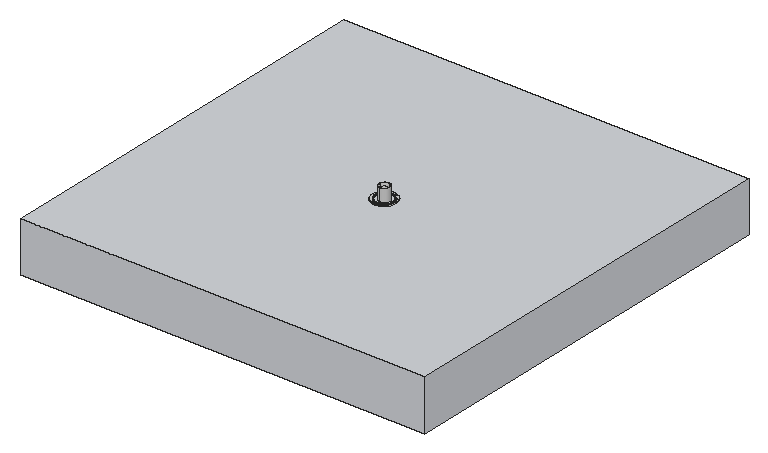
Revit family "LAMP_HANCE DOWNLIGHT SEMIRECESSED MEDIUM FLOOD 1000_2000", category Modelos genéricos, Revit 2015
Parameters (values of type "740LM 4000K 1000 BLACK")
  Weight = 1.54 kg
  Type = "COB PHILIPS"
  Tilting [instance] = if(Tilt < 0.00°, 180.00°, if(Tilt > 85.00°, 265.00°, Tilt + 180.00°))  # 180.00°
  Tilt [instance] = 0.00°
  Recessed diameter = 132 mm
  Protection rating = "IP20"
  Product datasheet = "http://www.lamp.es/product-files/TECH/HD1SR30SP840NBB-EN.pdf"
  Product code = "HD1SR30SP840NBB"
  Product URL = "https://www.lamp.es/en/family/hance-downlight_196363"
  Power Supply = "220-240V 50/60Hz"
  Power = 25 W
  Plum = 27.8 W
  Photometric web file = Cuerpo Hance BASE (tilting)_MF : 740LM 4000K 1000 BLACK
  Modelo = Product code  # "HD1SR30SP840NBB"
  Model explanation = "Availability of tilting between 0º and 85º when placed in a project."
  Material interior aro = LAMP_Aluminio Hance Negro
  Material aro = LAMP_Aluminio Hance Negro
  Manufacturer name = "LAMP"
  Manufacturer country = "Spain"
  Manufacturer URL = "http://www.lamp.es/en"
  MacAdam = "3"
  Luminaire type = "Indoor - Recessed downlight"
  Last update = "22/11/2019"
  Lamp = "COB LED"
  LED Lifetime = "50.000 L80 B10"
  Insulation class = "II"
  Installation instructions = "https://www.lamp.es/product-files/INS/1004410-B-INSTR.%20DE%20MONTAJE%20HANCE%20DOWNLIGHT.pdf"
  Initial intensity = 2656 lm
  Initial color = 4000 K
  IEE = "A+"
  Gear = "Electronic"
  Finish = "Texturised black RAL 9011"
  Fabricante = Manufacturer name  # "LAMP"
  Default Elevation = 1219.2 mm
  Efficacy = 95.54 lm/W
  Diameter = 143 mm
  Descripción = "HANCE DOWN SEMIREC 3000 NW SP BK."
  Decorative ring [instance] = Aro decorativo (tilting) : Black
  Comentarios de tipo = Model explanation  # "Availability of tilting between 0º and 85º when placed in a project."
  CRI = "80"
Types (8, lengths in mm): name | Product datasheet | Product code | Power | Plum | Photometric web file | Modelo | Material aro | Initial intensity | Initial color | Finish | Efficacy | Descripción
  740LM 4000K 1000 BLACK | "http://www.lamp.es/product-files/TECH/HD1SR30SP840NBB-EN.pdf" | "HD1SR30SP840NBB" | 25 W | 27.8 W | Cuerpo Hance BASE (tilting)_MF : 740LM 4000K 1000 BLACK | "HD1SR30SP840NBB" | LAMP_Aluminio Hance Negro | 2656 lm | 4000 K | "Texturised black RAL 9011" | 95.54 lm/W | "HANCE DOWN SEMIREC 3000 NW SP BK."
  740LM 4000K 1000 WHITE | "http://www.lamp.es/product-files/TECH/HD1SR30SP840NBW-EN.pdf" | "HD1SR30SP840NBW" | 25 W | 27.8 W | Cuerpo Hance BASE (tilting)_MF : 740LM 4000K 1000 WHITE | "HD1SR30SP840NBW" | LAMP_Aluminio Hance Blanco | 2656 lm | 4000 K | "Texturised white RAL 9010" | 95.54 lm/W | "HANCE DOWN SEMIREC 3000 NW SP WH."
  806LM 3000K 1000 BLACK | "http://www.lamp.es/product-files/TECH/HD1SR30SP830NBB-EN.pdf" | "HD1SR30SP830NBB" | 25 W | 28.2 W | Cuerpo Hance BASE (tilting)_MF : 806LM 3000K 1000 BLACK | "HD1SR30SP830NBB" | LAMP_Aluminio Hance Negro | 2788 lm | 3000 K | "Texturised black RAL 9011" | 98.86 lm/W | "HANCE DOWN SEMIREC 3000 WW SP BK."
  806LM 3000K 1000 WHITE | "http://www.lamp.es/product-files/TECH/HD1SR30SP830NBW-EN.pdf" | "HD1SR30SP830NBW" | 25 W | 28.2 W | Cuerpo Hance BASE (tilting)_MF : 806LM 3000K 1000 WHITE | "HD1SR30SP830NBW" | LAMP_Aluminio Hance Blanco | 2788 lm | 3000 K | "Texturised white RAL 9010" | 98.86 lm/W | "HANCE DOWN SEMIREC 3000 WW SP WH."
  1606LM 4000K 2000 BLACK | "http://www.lamp.es/product-files/TECH/HD1SR40SP830NBB-EN.pdf" | "HD1SR40SP830NBB" | 34 W | 37.6 W | Cuerpo Hance BASE (tilting)_MF : 1606LM 4000K 2000 BLACK | "HD1SR40SP830NBB" | LAMP_Aluminio Hance Negro | 3518 lm | 3000 K | "Texturised black RAL 9011" | 93.55 lm/W | "HANCE DOWN SEMIREC 4000 WW SP BK."
  1606LM 4000K 2000 WHITE | "http://www.lamp.es/product-files/TECH/HD1SR40SP830NBW-EN.pdf" | "HD1SR40SP830NBW" | 34 W | 37.6 W | Cuerpo Hance BASE (tilting)_MF : 1606LM 4000K 2000 WHITE | "HD1SR40SP830NBW" | LAMP_Aluminio Hance Blanco | 3518 lm | 3000 K | "Texturised white RAL 9010" | 93.55 lm/W | "HANCE DOWN SEMIREC 4000 WW SP WH."
  1760LM 3000K 2000 BLACK | "http://www.lamp.es/product-files/TECH/HD1SR40SP840NBB-EN.pdf" | "HD1SR40SP840NBB" | 34 W | 37.6 W | Cuerpo Hance BASE (tilting)_MF : 1760LM 3000K 2000 BLACK | "HD1SR40SP840NBB" | LAMP_Aluminio Hance Negro | 3660 lm | 4000 K | "Texturised black RAL 9011" | 97.34 lm/W | "HANCE DOWN SEMIREC 4000 NW SP BK."
  1760LM 3000K 2000 WHITE | "http://www.lamp.es/product-files/TECH/HD1SR40SP840NBW-EN.pdf" | "HD1SR40SP840NBW" | 34 W | 37.6 W | Cuerpo Hance BASE (tilting)_MF : 1760LM 3000K 2000 WHITE | "HD1SR40SP840NBW" | LAMP_Aluminio Hance Blanco | 3660 lm | 4000 K | "Texturised white RAL 9010" | 97.34 lm/W | "HANCE DOWN SEMIREC 4000 NW SP WH."
Reference planes
  plane 1 "Centro (Frontal/Posterior)": y = 0
  plane 2: z = 0
  plane 3 "Centro (Izquierda/Derecha)": x = 0
Forms (mm)
  Extrusion 1, solid
    sketch origin (0, 0, 0) x (1, 0, 0) y (0, 1, 0)
      loop
        line (-1219.2, 1219.2) -> (-1219.2, -1219.2) -> (1219.2, -1219.2) -> (1219.2, 1219.2) -> (-1219.2, 1219.2)
    from 0 to -304.8
  Revolve 2, solid, material "LAMP_Aluminio Hance Negro" <- "Material aro"
    sketch origin (0, 0, 0) x (1, 0, 0) y (0, 0, 1)
      loop
        line (71.4, 0) -> (71.4, 1) -> (56.5, 1) -> (56.5, -70) -> (64.5, -70) -> (64.5, -69) -> (59, -69) -> (59, 0) -> (71.4, 0)
      axis (0, 1) -> (0, -70)
    angle from 0 to 360
  Revolve 3, solid, material "LAMP_Aluminio Hance Negro" <- "Material interior aro"
    sketch origin (0, 0, 0) x (1, 0, 0) y (0, 0, 1)
      loop
        arc (51.874, -0.646) -> (51.598, -1.016) -> (51.498, -1.466) r 1.1
        arc (51.498, -1.466) -> (49.354, -17.889) -> (43.277, -33.297) r 67.535
        arc (43.277, -33.297) -> (42.922, -33.665) -> (42.43, -33.8) r 0.965
        line (42.43, -33.8) -> (0, -33.8) -> (0, -34.8) -> (42.43, -34.8)
        arc (42.43, -34.8) -> (42.922, -34.665) -> (43.277, -34.297) r 0.965
        arc (43.277, -34.297) -> (49.354, -18.889) -> (51.498, -2.466) r 67.535
        arc (51.498, -2.466) -> (51.598, -2.016) -> (51.874, -1.646) r 1.1
        arc (51.874, -1.646) -> (53.912, -0.425) -> (56.25, 0) r 6.641
        line (56.25, 0) -> (56.25, 1)
        arc (56.25, 1) -> (53.912, 0.575) -> (51.874, -0.646) r 6.641
      axis (0, 1) -> (0, -34.8)
    angle from 0 to 360
  Extrusion 4, void
    sketch origin (0, 0, 0) x (1, 0, 0) y (0, 1, 0)
      loop
        line (7.1, 33.5) -> (-7.105, 33.5)
        arc (-7.105, 33.5) -> (-40.605, 0) -> (-7.105, -33.5) r 33.5
        line (-7.105, -33.5) -> (7.1, -33.5)
        arc (7.1, -33.5) -> (40.6, 0) -> (7.1, 33.5) r 33.5
    from -41.216 to -28.478
Cuts and joins
  Extrusion 4 cuts Revolve 3
Text (mm)
  text "Any modification of the parameters and properties of the LAMP BIM models must be executed and validated by the LAMP technical department.\n\nPhone: +34 93 736 68 00\n\nE-mail: lamp@lamp.es\n\n\n\nLAMP reserves the right to modify the technical specifications of its products." at (39771.841, -40794.867, 40621.237), in view "Preview"
Dimensions and locks
  aligned and locked: plane 2 to Extrusion 1
  aligned and locked: level to Extrusion 1
Nested families
  nested 1: "Cuerpo Hance BASE (tilting)_MF" at (0, 1.967, 33.338), type <- "Photometric web file", type "740LM 4000K 1000 BLACK"
    with Tilting 180.00°
  nested 2: "Aro decorativo (tilting)" at (-27.9, 0, -21.232), type <- "Decorative ring", type "Black"
    with Tilting 0.00°
Connectors
  electrical at (-16.363, 0, -29.25)
    settings: on nested 1, index 1, voltage 230 V, apparent load 0 VA, apparent load phase1 0 VA, apparent load phase2 0 VA, apparent load phase3 0 VA, power factor 1, load classification "Otro", number of poles 1, system type 31, power factor state 1, is connector primary yes, connector utility no, sub classification motor no, connector description ""
Definition of nested family "Cuerpo Hance BASE (tilting)_MF"
  Parameters (values of type "740LM 4000K 1000 BLACK")
    Tilting = 90.00°
    Photometric web file = Cuerpo Hance BASE_MF : 740LM 4000K 1000 BLACK
    Default Elevation = 1219.2 mm
  Types (17, lengths in mm): name | Photometric web file
    (no name) | Cuerpo Hance BASE_MF : 740LM 4000K 1000 BLACK
    740LM 4000K 1000 BLACK | Cuerpo Hance BASE_MF : 740LM 4000K 1000 BLACK
    740LM 4000K 1000 WHITE | Cuerpo Hance BASE_MF : 740LM 4000K 1000 WHITE
    806LM 3000K 1000 BLACK | Cuerpo Hance BASE_MF : 806LM 3000K 1000 BLACK
    806LM 3000K 1000 WHITE | Cuerpo Hance BASE_MF : 806LM 3000K 1000 WHITE
    1606LM 4000K 2000 BLACK | Cuerpo Hance BASE_MF : 1606LM 4000K 2000 BLACK
    1606LM 4000K 2000 WHITE | Cuerpo Hance BASE_MF : 1606LM 4000K 2000 WHITE
    1760LM 3000K 2000 BLACK | Cuerpo Hance BASE_MF : 1760LM 3000K 2000 BLACK
    1760LM 3000K 2000 WHITE | Cuerpo Hance BASE_MF : 1760LM 3000K 2000 WHITE
    2744LM 4000K 3000 BLACK | Cuerpo Hance BASE_MF : 2744LM 4000K 3000 BLACK
    2744LM 4000K 3000 WHITE | Cuerpo Hance BASE_MF : 2744LM 4000K 3000 WHITE
    2816LM 3000K 3000 BLACK | Cuerpo Hance BASE_MF : 2816LM 3000K 3000 BLACK
    2816LM 3000K 3000 WHITE | Cuerpo Hance BASE_MF : 2816LM 3000K 3000 WHITE
    3724LM 3000K 4000 BLACK | Cuerpo Hance BASE_MF : 3724LM 3000K 4000 BLACK
    3724LM 3000K 4000 WHITE | Cuerpo Hance BASE_MF : 3724LM 3000K 4000 WHITE
    3875LM 4000K 4000 BLACK | Cuerpo Hance BASE_MF : 3875LM 4000K 4000 BLACK
    3875LM 4000K 4000 WHITE | Cuerpo Hance BASE_MF : 3875LM 4000K 4000 WHITE
  Reference planes
    plane 1 "Centro (Frontal/Posterior)": y = 0
    plane 2: z = 0
    plane 3 "Centro (Izquierda/Derecha)": x = 0
  Lines and regions (mm)
    reference lines
      curve 1: line (0, 0, 0) -> (200, 0, 0)
  Dimensions and locks
    "Tilting": angle plane 3 "Centro (Izquierda/Derecha)" to curve 1
    aligned and locked: level to plane 2
    aligned and locked: plane 3 "Centro (Izquierda/Derecha)" to curve 1
    aligned and locked: plane 2 to curve 1
  Nested families
    nested 1: "Cuerpo Hance BASE_MF" at (-21.588, -1.967, 27.875), type <- "Photometric web file", type "740LM 4000K 1000 BLACK"
  Definition of nested family "Cuerpo Hance BASE_MF"
    Parameters (values of type "740LM 4000K 1000 BLACK")
      Tilt Angle = 90.00° + Tilting  # 180.00°
      Wattage = 7.6 W
      Tilting = 90.00°
      built-in parameter 1150107 = 4000 (stored number, unit not read)
      Radio vacio posterior = Radio cuerpo - 2.2 mm  # 30.3 mm
      Radio vaciado = Radio cuerpo - 1.5 mm  # 31 mm
      Radio cuerpo = if(Longitud cuerpo = 145 mm, 45 mm, 32.5 mm)  # 32.5 mm
      built-in parameter 1150110 = 1 (stored number, unit not read)
      built-in parameter 1150109 = 1 (stored number, unit not read)
      built-in parameter 1150112 = 1 (stored number, unit not read)
      built-in parameter 1150113 = 1 (stored number, unit not read)
      built-in parameter 1114218 = 1 (stored number, unit not read)
      built-in parameter 1150137 = (empty or 0)
      built-in parameter 1150132 = 2
      Material reflector = none
      Material cuerpo = none
      Material COB = none
      Longitud cuerpo = 100 mm
      Long. origen luz = if(Longitud cuerpo = 100 mm, 20 mm, if(Longitud cuerpo = 170 mm, 55 mm, 90 mm))  # 20 mm
      L_3 = if(Ancho disipador posterior = 80.4 mm, 39.6 mm, 12 mm)  # 12 mm
      L_2 = if(Ancho disipador posterior = 80.4 mm, 36.3 mm, 22.6 mm)  # 22.6 mm
      L_1 = if(Ancho disipador posterior = 80.4 mm, 36.8 mm, 25.4 mm)  # 25.4 mm
      built-in parameter 1150105 = 2444 (stored number, unit not read)
      built-in parameter 1150102 = (empty or 0)
      built-in parameter 1150106 = 24.44 (stored number, unit not read)
      Lumens = 740.012 lm
      Color Filter = 16777215
      built-in parameter 1114217 = 1 (stored number, unit not read)
      built-in parameter 1150139 = (empty or 0)
      Default Elevation = 1219.2 mm
      built-in parameter 1150104 = 9.046 (stored number, unit not read)
      Diametro aro = if(Radio cuerpo = 45 mm, 42.9 mm, 30.4 mm)  # 30.4 mm
      built-in parameter 1150115 = 1 (stored number, unit not read)
      built-in parameter 1150114 = 1 (stored number, unit not read)
      built-in parameter 1150138 = (empty or 0)
      built-in parameter 1150134 = 12
      Dimming Lamp Color Temperature Shift = (empty or 0)
      Photometric Web File = "HD1RE10MF840NBB.IES"
      Ancho vaciado reflector = if(Radio cuerpo = 45 mm, 34.4 mm, 21.9 mm)  # 21.9 mm
      Ancho reflector = if(Radio cuerpo = 45 mm, 35.4 mm, 22.9 mm)  # 22.9 mm
      Ancho disipador posterior = if(Radio cuerpo = 32.5 mm, 53 mm, 80.4 mm)  # 53 mm
      built-in parameter 1150133 = 10 (stored number, unit not read)
      Altura disipador superior = if(Radio cuerpo = 45 mm, 23.9 mm, 36.9 mm)  # 36.9 mm
      Ancho disipador superior = if(Radio cuerpo = 45 mm, 28 mm, 22.6 mm)  # 22.6 mm
    Types (16, lengths in mm): name | Wattage | built-in parameter 1150107 | Radio vacio posterior | Radio vaciado | Radio cuerpo | Longitud cuerpo | Long. origen luz | L_3 | L_2 | L_1 | built-in parameter 1150105 | built-in parameter 1150106 | Lumens | built-in parameter 1150104 | Diametro aro | built-in parameter 1150134 | Photometric Web File | Ancho vaciado reflector | Ancho reflector | Ancho disipador posterior | Altura disipador superior | Ancho disipador superior
      740LM 4000K 1000 BLACK | 7.6 W | 4000 (stored number, unit not read) | 30.3 | 31 | 32.5 | 100 | 20 | 12 | 22.6 | 25.4 | 2444 (stored number, unit not read) | 24.44 (stored number, unit not read) | 740.012 lm | 9.046 (stored number, unit not read) | 30.4 | 12 | "HD1RE10MF840NBB.IES" | 21.9 | 22.9 | 53 | 36.9 | 22.6
      740LM 4000K 1000 WHITE | 7.6 W | 4000 (stored number, unit not read) | 30.3 | 31 | 32.5 | 100 | 20 | 12 | 22.6 | 25.4 | 2444 (stored number, unit not read) | 24.44 (stored number, unit not read) | 740.012 lm | 9.046 (stored number, unit not read) | 30.4 | 12 | "HD1RE10MF840NBW.IES" | 21.9 | 22.9 | 53 | 36.9 | 22.6
      806LM 3000K 1000 BLACK | 7.7 W | 3000 (stored number, unit not read) | 30.3 | 31 | 32.5 | 100 | 20 | 12 | 22.6 | 25.4 | 2662.5 (stored number, unit not read) | 26.625 (stored number, unit not read) | 806.19 lm | 9.7269 (stored number, unit not read) | 30.4 | (empty or 0) | "HD1RE10MF830NBB.IES" | 21.9 | 22.9 | 53 | 36.9 | 22.6
      806LM 3000K 1000 WHITE | 7.7 W | 3000 (stored number, unit not read) | 30.3 | 31 | 32.5 | 100 | 20 | 12 | 22.6 | 25.4 | 2662.5 (stored number, unit not read) | 26.625 (stored number, unit not read) | 806.19 lm | 9.7269 (stored number, unit not read) | 30.4 | (empty or 0) | "HD1RE10MF830NBW.IES" | 21.9 | 22.9 | 53 | 36.9 | 22.6
      1606LM 4000K 2000 BLACK | 20.6 W | 4000 (stored number, unit not read) | 30.3 | 31 | 32.5 | 100 | 20 | 12 | 22.6 | 25.4 | 5303.9 (stored number, unit not read) | 53.039 (stored number, unit not read) | 1605.98 lm | 7.2427 (stored number, unit not read) | 30.4 | 12 | "HD1RE20MF840NBB.IES" | 21.9 | 22.9 | 53 | 36.9 | 22.6
      1606LM 4000K 2000 WHITE | 20.6 W | 4000 (stored number, unit not read) | 30.3 | 31 | 32.5 | 100 | 20 | 12 | 22.6 | 25.4 | 5303.9 (stored number, unit not read) | 53.039 (stored number, unit not read) | 1605.98 lm | 7.2427 (stored number, unit not read) | 30.4 | 12 | "HD1RE20MF840NBW.IES" | 21.9 | 22.9 | 53 | 36.9 | 22.6
      1760LM 3000K 2000 BLACK | 20.7 W | 3000 (stored number, unit not read) | 30.3 | 31 | 32.5 | 100 | 20 | 12 | 22.6 | 25.4 | 5818.7 (stored number, unit not read) | 58.187 (stored number, unit not read) | 1759.71 lm | 7.8977 (stored number, unit not read) | 30.4 | (empty or 0) | "HD1RE20MF830NBB.IES" | 21.9 | 22.9 | 53 | 36.9 | 22.6
      1760LM 3000K 2000 WHITE | 20.7 W | 3000 (stored number, unit not read) | 30.3 | 31 | 32.5 | 100 | 20 | 12 | 22.6 | 25.4 | 5818.7 (stored number, unit not read) | 58.187 (stored number, unit not read) | 1759.71 lm | 7.8977 (stored number, unit not read) | 30.4 | (empty or 0) | "HD1RE20MF830NBW.IES" | 21.9 | 22.9 | 53 | 36.9 | 22.6
      2744LM 4000K 3000 BLACK | 27.8 W | 4000 (stored number, unit not read) | 42.8 | 43.5 | 45 | 145 | 90 | 39.6 | 36.3 | 36.8 | 9073.9 (stored number, unit not read) | 90.739 (stored number, unit not read) | 2744.14 lm | 9.1705 (stored number, unit not read) | 42.9 | 12 | "HD1RE30MF840NBB.IES" | 34.4 | 35.4 | 80.4 | 23.9 | 28
      2744LM 4000K 3000 WHITE | 27.8 W | 4000 (stored number, unit not read) | 42.8 | 43.5 | 45 | 145 | 90 | 39.6 | 36.3 | 36.8 | 9073.9 (stored number, unit not read) | 90.739 (stored number, unit not read) | 2744.14 lm | 9.1705 (stored number, unit not read) | 42.9 | 12 | "HD1RE30MF840NBW.IES" | 34.4 | 35.4 | 80.4 | 23.9 | 28
      2816LM 3000K 3000 BLACK | 28.2 W | 3000 (stored number, unit not read) | 42.8 | 43.5 | 45 | 145 | 90 | 39.6 | 36.3 | 36.8 | 12461.1 (stored number, unit not read) | 124.61 (stored number, unit not read) | 2815.77 lm | 9.2764 (stored number, unit not read) | 42.9 | (empty or 0) | "HD1RE30MF830NBB.IES" | 34.4 | 35.4 | 80.4 | 23.9 | 28
      2816LM 3000K 3000 WHITE | 28.2 W | 3000 (stored number, unit not read) | 42.8 | 43.5 | 45 | 145 | 90 | 39.6 | 36.3 | 36.8 | 12461.1 (stored number, unit not read) | 124.61 (stored number, unit not read) | 2815.77 lm | 9.2764 (stored number, unit not read) | 42.9 | (empty or 0) | "HD1RE30MF830NBW.IES" | 34.4 | 35.4 | 80.4 | 23.9 | 28
      3724LM 3000K 4000 BLACK | 37.6 W | 3000 (stored number, unit not read) | 42.8 | 43.5 | 45 | 145 | 90 | 39.6 | 36.3 | 36.8 | 16481.7 (stored number, unit not read) | 164.82 (stored number, unit not read) | 3724.28 lm | 9.202 (stored number, unit not read) | 42.9 | (empty or 0) | "HD1RE40MF830NBB.IES" | 34.4 | 35.4 | 80.4 | 23.9 | 28
      3724LM 3000K 4000 WHITE | 37.6 W | 3000 (stored number, unit not read) | 42.8 | 43.5 | 45 | 145 | 90 | 39.6 | 36.3 | 36.8 | 16481.7 (stored number, unit not read) | 164.82 (stored number, unit not read) | 3724.28 lm | 9.202 (stored number, unit not read) | 42.9 | (empty or 0) | "HD1RE40MF830NBW.IES" | 34.4 | 35.4 | 80.4 | 23.9 | 28
      3875LM 4000K 4000 BLACK | 37.6 W | 4000 (stored number, unit not read) | 42.8 | 43.5 | 45 | 145 | 90 | 39.6 | 36.3 | 36.8 | 15793 (stored number, unit not read) | 157.93 (stored number, unit not read) | 3875.06 lm | 9.5746 (stored number, unit not read) | 42.9 | 12 | "HD1RE40MF840NBB.IES" | 34.4 | 35.4 | 80.4 | 23.9 | 28
      3875LM 4000K 4000 WHITE | 37.6 W | 4000 (stored number, unit not read) | 42.8 | 43.5 | 45 | 145 | 90 | 39.6 | 36.3 | 36.8 | 15793 (stored number, unit not read) | 157.93 (stored number, unit not read) | 3875.06 lm | 9.5746 (stored number, unit not read) | 42.9 | 12 | "HD1RE40MF840NBW.IES" | 34.4 | 35.4 | 80.4 | 23.9 | 28
    Reference planes
      plane 1 "Centro (Frontal/Posterior)": y = 0
      plane 2: z = 0
      plane 3 "Centro (Izquierda/Derecha)": x = 0
    Forms (mm)
      Extrusion 1, solid, material <- "Material cuerpo"
        sketch origin (0, 0, 0) x (0, -1, 0) y (0, 0, 1)
          loop
            circle (0, -27.875) r 32.5
        from -58 to 42
      Extrusion 2, void
        sketch origin (0, 0, 0) x (0, 1, 0) y (0, 0, 1)
          loop
            line (11.3, 30) -> (-11.3, 30) -> (-11.3, -6.9)
            arc (-11.3, -6.9) -> (0, -7.855) -> (11.3, -6.9) r 67.349
            line (11.3, -6.9) -> (11.3, 30)
        from -42 to 9.4
      Extrusion 3, void
        sketch origin (0, 0, 0) x (0, 1, 0) y (0, 0, 1)
          loop
            circle (0, -27.875) r 30.3
        from -42 to -41
      Extrusion 4, void
        sketch origin (0, 0, 0) x (0, 1, 0) y (0, 0, 1)
          loop
            line (26.5, -26.291) -> (-26.5, -26.291)
            arc (-26.5, -26.291) -> (-27.7, -27.491) -> (-26.5, -28.691) r 1.2
            line (-26.5, -28.691) -> (26.5, -28.691)
            arc (26.5, -28.691) -> (27.7, -27.491) -> (26.5, -26.291) r 1.2
          loop
            line (26.115, -30.891) -> (-26.115, -30.891)
            arc (-26.115, -30.891) -> (-27.315, -32.091) -> (-26.115, -33.291) r 1.2
            line (-26.115, -33.291) -> (26.115, -33.291)
            arc (26.115, -33.291) -> (27.315, -32.091) -> (26.115, -30.891) r 1.2
          loop
            line (25.4, -35.55) -> (-24.915, -35.55)
            arc (-24.915, -35.55) -> (-26.115, -36.75) -> (-24.915, -37.95) r 1.2
            line (-24.915, -37.95) -> (25.4, -37.95)
            arc (25.4, -37.95) -> (26.6, -36.75) -> (25.4, -35.55) r 1.2
          loop
            line (22.6, -40.091) -> (-22.64, -40.091)
            arc (-22.64, -40.091) -> (-23.84, -41.291) -> (-22.64, -42.491) r 1.2
            line (-22.64, -42.491) -> (22.6, -42.491)
            arc (22.6, -42.491) -> (23.8, -41.291) -> (22.6, -40.091) r 1.2
          loop
            line (19.043, -44.691) -> (-19.086, -44.691)
            arc (-19.086, -44.691) -> (-20.286, -45.891) -> (-19.086, -47.091) r 1.2
            line (-19.086, -47.091) -> (19.043, -47.091)
            arc (19.043, -47.091) -> (20.243, -45.891) -> (19.043, -44.691) r 1.2
          loop
            line (15.357, -49.291) -> (-15.5, -49.291)
            arc (-15.5, -49.291) -> (-16.6, -50.391) -> (-15.5, -51.491) r 1.1
            line (-15.5, -51.491) -> (15.357, -51.491)
            arc (15.357, -51.491) -> (16.457, -50.391) -> (15.357, -49.291) r 1.1
          loop
            line (6, -53.691) -> (-6, -53.691)
            arc (-6, -53.691) -> (-7.1, -54.791) -> (-6, -55.891) r 1.1
            line (-6, -55.891) -> (6, -55.891)
            arc (6, -55.891) -> (7.1, -54.791) -> (6, -53.691) r 1.1
        from -42 to -38.7
      Extrusion 5, void
        sketch origin (0, 0, 0) x (-1, 0, 0) y (0, -1, 0)
          loop
            line (37.7, -9.12) -> (37.7, 9.12)
            arc (37.7, 9.12) -> (36.6, 10.22) -> (35.5, 9.12) r 1.1
            line (35.5, 9.12) -> (35.5, -9.12)
            arc (35.5, -9.12) -> (36.6, -10.22) -> (37.7, -9.12) r 1.1
          loop
            line (28.9, -9.12) -> (28.9, 9.12)
            arc (28.9, 9.12) -> (27.8, 10.22) -> (26.7, 9.12) r 1.1
            line (26.7, 9.12) -> (26.7, -9.12)
            arc (26.7, -9.12) -> (27.8, -10.22) -> (28.9, -9.12) r 1.1
          loop
            line (20.1, -9.12) -> (20.1, 9.12)
            arc (20.1, 9.12) -> (19, 10.22) -> (17.9, 9.12) r 1.1
            line (17.9, 9.12) -> (17.9, -9.12)
            arc (17.9, -9.12) -> (19, -10.22) -> (20.1, -9.12) r 1.1
        from -51.491 to 30
      Extrusion 6, void
        sketch origin (0, 0, 0) x (-1, 0, 0) y (0, -1, 0)
          loop
            line (33.3, -9.12) -> (33.3, 9.12)
            arc (33.3, 9.12) -> (32.2, 10.22) -> (31.1, 9.12) r 1.1
            line (31.1, 9.12) -> (31.1, -9.12)
            arc (31.1, -9.12) -> (32.2, -10.22) -> (33.3, -9.12) r 1.1
          loop
            line (24.5, -9.12) -> (24.5, 9.12)
            arc (24.5, 9.12) -> (23.4, 10.22) -> (22.3, 9.12) r 1.1
            line (22.3, 9.12) -> (22.3, -9.12)
            arc (22.3, -9.12) -> (23.4, -10.22) -> (24.5, -9.12) r 1.1
        from -8.232 to 30
      Extrusion 7, void
        sketch origin (0, 0, 0) x (0, 1, 0) y (0, 0, 1)
          loop
            circle (0, -27.875) r 31
        from 17.213 to 58
      Revolve 8, solid, material <- "Material reflector"
        sketch origin (0, 0, 0) x (1, 0, 0) y (0, 0, 1)
          loop
            line (25.5, -27.875) -> (45.818, -27.875) -> (45.818, -4.975) -> (25.5, -19.875) -> (25.5, -27.875)
          axis (25.5, -27.875) -> (45.818, -27.875)
        angle from 0 to 360
      Revolve 9, void
        sketch origin (0, 0, 0) x (1, 0, 0) y (0, 0, 1)
          loop
            line (45.818, -5.975) -> (26.5, -20.142) -> (25.5, -20.142) -> (25.5, -27.875) -> (26.5, -27.875) -> (45.818, -27.875) -> (45.818, -5.975)
          axis (45.818, -27.875) -> (25.5, -27.875)
        angle from 0 to 360
      Extrusion 10, solid, material <- "Material COB"
        sketch origin (0, 0, 0) x (0, -1, 0) y (0, 0, 1)
          loop
            circle (0, -27.875) r 7.733
        from -26.5 to -25.5
    Cuts and joins
      Extrusion 2, Extrusion 3, Extrusion 4, Extrusion 5, Extrusion 6, Extrusion 7 cuts Extrusion 1
      Revolve 9 cuts Revolve 8
    Lines and regions (mm)
      reference lines
        curve 1: line (0, 0, 0) -> (178.042, 0, 0)
        curve 2: line (93, 0, -27.875) -> (113, 0, -27.875)
        curve 3: line (0, 0, 0) -> (0, 0, -75)
        curve 4: line (93, 0, -22.875) -> (93, 0, -32.875)
    Text (mm)
      text "Any modification of the parameters and properties of the LAMP BIM models must be executed and validated by the LAMP technical department.\n\nPhone: +34 93 736 68 00\n\nE-mail: lamp@lamp.es\n\n\n\nLAMP reserves the right to modify the technical specifications of its products." at (97482.136, -81600.41, 57308.082), in view "Preview"
    Dimensions and locks
      locked: Revolve 9 sketch curve to cut or joined group of Extrusion 1, Extrusion 2, Extrusion 3, Extrusion 4, Extrusion 5, Extrusion 6, Extrusion 7 at 12.182
      "Longitud cuerpo": cut or joined group of Extrusion 1, Extrusion 2, Extrusion 3, Extrusion 4, Extrusion 5, Extrusion 6, Extrusion 7 to cut or joined group of Extrusion 1, Extrusion 2, Extrusion 3, Extrusion 4, Extrusion 5, Extrusion 6, Extrusion 7
      locked: cut or joined group of Extrusion 1, Extrusion 2, Extrusion 3, Extrusion 4, Extrusion 5, Extrusion 6, Extrusion 7 to curve 3 at 42
      locked: cut or joined group of Revolve 8, Revolve 9 to cut or joined group of Extrusion 1, Extrusion 2, Extrusion 3, Extrusion 4, Extrusion 5, Extrusion 6, Extrusion 7 at 12.182
      locked: cut or joined group of Revolve 8, Revolve 9 to cut or joined group of Revolve 8, Revolve 9 at 20.318
      locked: cut or joined group of Extrusion 1, Extrusion 2, Extrusion 3, Extrusion 4, Extrusion 5, Extrusion 6, Extrusion 7 to Extrusion 10 at 31.5
      locked: Extrusion 10 to Extrusion 10 at 1
      "Long. origen luz": curve 4 to curve 2
      equal spacing: Extrusion 4 sketch curve, plane 1 "Centro (Frontal/Posterior)", Extrusion 4 sketch curve  (x2)
      "Ancho disipador posterior": Extrusion 4 sketch curve to Extrusion 4 sketch curve
      "L_1": Extrusion 4 sketch curve to plane 1 "Centro (Frontal/Posterior)"
      "L_2": Extrusion 4 sketch curve to curve 3
      "L_3": Extrusion 4 sketch curve to Extrusion 4 sketch curve
      equal spacing: Extrusion 2 sketch curve, plane 1 "Centro (Frontal/Posterior)", Extrusion 2 sketch curve
      "Ancho disipador superior": Extrusion 2 sketch curve to Extrusion 2 sketch curve
      "Altura disipador superior": Extrusion 2 sketch curve to Extrusion 2 sketch curve
      locked: plane 2 to Extrusion 2 sketch curve at 30
      "Ancho reflector": Revolve 8 sketch curve to imposter light
      "Ancho vaciado reflector": Revolve 9 sketch curve to imposter light
      "Radio cuerpo": radius of Extrusion 1 sketch curve
      "Radio vaciado": radius of Extrusion 7 sketch curve
      "Radio vacio posterior": radius of Extrusion 3 sketch curve
      "Tilting": angle plane 3 "Centro (Izquierda/Derecha)" to curve 1
      aligned and locked: level to plane 2
      aligned and locked: imposter light to curve 2  (x2)
      aligned and locked: cut or joined group of Extrusion 1, Extrusion 2, Extrusion 3, Extrusion 4, Extrusion 5, Extrusion 6, Extrusion 7 to cut or joined group of Extrusion 1, Extrusion 2, Extrusion 3, Extrusion 4, Extrusion 5, Extrusion 6, Extrusion 7
    Automatic sketch dimensions
      curve 1 to Extrusion 5 sketch curve = 17.9 mm
      Extrusion 5 sketch curve to Extrusion 5 sketch curve = 1.1 mm  (x3)
      Extrusion 5 sketch curve to Extrusion 5 sketch curve = 6.6 mm  (x2)
      Extrusion 5 sketch curve to curve 1 = 9.12 mm  (x2)
      Extrusion 5 sketch curve to Extrusion 5 sketch curve = 0 mm  (x3)
      curve 1 to Extrusion 5 sketch curve = 9.12 mm
      curve 1 to Extrusion 6 sketch curve = 22.3 mm
      Extrusion 6 sketch curve to Extrusion 6 sketch curve = 1.1 mm  (x2)
      Extrusion 6 sketch curve to Extrusion 6 sketch curve = 6.6 mm
      Extrusion 6 sketch curve to curve 1 = 9.12 mm
      Extrusion 6 sketch curve to Extrusion 6 sketch curve = 0 mm  (x2)
      curve 1 to Extrusion 6 sketch curve = 9.12 mm
      Extrusion 10 sketch curve to plane 1 "Centro (Frontal/Posterior)" = 0 mm
      Extrusion 1 sketch curve to plane 1 "Centro (Frontal/Posterior)" = 0 mm
      Extrusion 1 sketch curve to level = 27.875 mm
      Extrusion 2 sketch curve to plane 1 "Centro (Frontal/Posterior)" = 0 mm
      Extrusion 2 sketch curve to Extrusion 2 sketch curve = 29.494 mm
      Extrusion 3 sketch curve to plane 1 "Centro (Frontal/Posterior)" = 0 mm
      Extrusion 3 sketch curve to level = 27.875 mm
      Extrusion 4 sketch curve to Extrusion 4 sketch curve = 0.385 mm  (x2)
      Extrusion 4 sketch curve to Extrusion 4 sketch curve = 1.2 mm  (x6)
      Extrusion 4 sketch curve to Extrusion 4 sketch curve = 2.276 mm
      Extrusion 4 sketch curve to Extrusion 4 sketch curve = 3.554 mm
      Extrusion 4 sketch curve to Extrusion 4 sketch curve = 3.586 mm
      Extrusion 4 sketch curve to Extrusion 4 sketch curve = 9.357 mm
      Extrusion 4 sketch curve to Extrusion 4 sketch curve = 3.557 mm
      Extrusion 4 sketch curve to level = 55.891 mm
      Extrusion 4 sketch curve to Extrusion 4 sketch curve = 1.1 mm  (x2)
      Extrusion 4 sketch curve to Extrusion 4 sketch curve = 2.2 mm  (x4)
      Extrusion 4 sketch curve to Extrusion 4 sketch curve = 2.141 mm
      Extrusion 4 sketch curve to Extrusion 4 sketch curve = 2.259 mm
      Extrusion 7 sketch curve to plane 1 "Centro (Frontal/Posterior)" = 0 mm
      Extrusion 7 sketch curve to level = 27.875 mm
      curve 1 to Revolve 8 sketch curve = 25.5 mm
      Revolve 8 sketch curve to Revolve 8 sketch curve = 20.318 mm
      curve 1 to Revolve 8 sketch curve = 19.875 mm
      Revolve 8 sketch curve to Revolve 8 sketch curve = 8 mm
      Revolve 8 sketch curve to Revolve 8 sketch curve = 0 mm  (x2)
      Revolve 8 sketch curve to Revolve 8 sketch curve = 9.682 mm
      Revolve 9 sketch curve to Revolve 9 sketch curve = 19.318 mm
      Revolve 9 sketch curve to Revolve 9 sketch curve = 0 mm  (x3)
      Revolve 9 sketch curve to Revolve 9 sketch curve = 1 mm
      curve 1 to Revolve 9 sketch curve = 20.142 mm
      Revolve 9 sketch curve to Revolve 9 sketch curve = 7.733 mm
      Revolve 9 sketch curve to Revolve 9 sketch curve = 9.682 mm
      curve 1 to level = 0 mm
      curve 1 to plane 3 "Centro (Izquierda/Derecha)" = 0 mm
      curve 3 to curve 1 = 0 mm  (x2)
      curve 3 to curve 1 = 75 mm
      curve 1 to curve 4 = 32.875 mm
      curve 4 to curve 1 = 85.042 mm
      curve 4 to curve 2 = 5 mm
      curve 2 to curve 4 = 5 mm
      radius of Extrusion 10 sketch curve = 7.733 mm
Definition of nested family "Aro decorativo (tilting)"
  Parameters (values of type "Copper")
    Weight (3000/4000) = 0.016 kg
    Weight (1000/2000) = 0.01 kg
    Tilting = 90.00°
    Product datasheet = ""
    Product code (3000/4000) = "HSRI90C"
    Product code (1000/2000) = "HSRI65C"
    Product URL = ""
    Model = ""
    Material aro = none
    Manufacturer name = "LAMP"
    Manufacturer country = "Spain"
    Manufacturer URL = "http://www.lamp.es/en"
    Longitud = 63.6 mm
    Last update = "21/05/2018"
    Installation instructions = ""
    Finish = "Metalized matt copper"
    Manufacturer = Manufacturer name  # "LAMP"
    Default Elevation = 1219.2 mm
    Diameter (3000/4000) = 90 mm
    Diameter (1000/2000) = 65 mm
    Description = ""
    Accessory Type = "Optic"
    3000/4000 Model = "HSRI90C"
    3000/4000 Description = "HANCE 3000/4000 ACC. RING DECO CO."
    1000/2000 Model = "HSRI65C"
    1000/2000 Description = "HANCE 1000/2000 ACC. RING DECO CO."
  Types (5, lengths in mm): name | Product code (3000/4000) | Product code (1000/2000) | Finish | 3000/4000 Model | 3000/4000 Description | 1000/2000 Model | 1000/2000 Description
    (no name) | "HSRI90C" | "HSRI65C" | "Metalized matt copper" | "HSRI90C" | "HANCE 3000/4000 ACC. RING DECO CO." | "HSRI65C" | "HANCE 1000/2000 ACC. RING DECO CO."
    Black | "HSRI90B" | "HSRI65B" | "Matt black" | "HSRI90B" | "HANCE 3000/4000 ACC. RING DECO BK." | "HSRI65B" | "HANCE 1000/2000 ACC. RING DECO BK."
    Copper | "HSRI90C" | "HSRI65C" | "Metalized matt copper" | "HSRI90C" | "HANCE 3000/4000 ACC. RING DECO CO." | "HSRI65C" | "HANCE 1000/2000 ACC. RING DECO CO."
    Grey | "HSRI90M" | "HSRI65M" | "Metalized matt silver" | "HSRI90M" | "HANCE 3000/4000 ACC. RING DECO MET." | "HSRI65M" | "HANCE 1000/2000 ACC. RING DECO MET."
    White | "HSRI90W" | "HSRI65W" | "Matt White" | "HSRI90W" | "HANCE 3000/4000 ACC. RING DECO WH." | "HSRI65W" | "HANCE 1000/2000 ACC. RING DECO WH."
  Reference planes
    plane 1 "Centro (Frontal/Posterior)": y = 0
    plane 2: z = 0
    plane 3 "Centro (Izquierda/Derecha)": x = 0
  Lines and regions (mm)
    reference lines
      curve 1: line (0, 0, 0) -> (0, 0, -27.9)
      curve 2: line (0, 0, -27.9) -> (80.8, 0, -27.9)
  Text (mm)
    text "Any modification of the parameters and properties of the LAMP BIM models must be executed and validated by the LAMP technical department.\n\nPhone: +34 93 736 68 00\n\nE-mail: lamp@lamp.es\n\n\n\nLAMP reserves the right to modify the technical specifications of its products." at (86527.204, -96597.187, 50741.736), in view "Preview"
  Dimensions and locks
    "Tilting": angle curve 1 to plane 2
    aligned and locked: level to plane 2
    aligned and locked: plane 3 "Centro (Izquierda/Derecha)" to curve 1
    aligned and locked: plane 2 to curve 1
  Automatic sketch dimensions
    curve 2 to curve 1 = 0 mm
    curve 1 to curve 2 = 0 mm
    curve 1 to curve 2 = 80.8 mm
  Nested families
    nested 1: "Aro decorativo" at (17.2, 0, 0), type "Copper"
  Definition of nested family "Aro decorativo"
    Parameters (values of type "Copper")
      Weight (3000/4000) = 0.016 kg
      Weight (1000/2000) = 0.01 kg
      Product datasheet = ""
      Product code (3000/4000) = "HSRI90C"
      Product code (1000/2000) = "HSRI65C"
      Product URL = ""
      Model = ""
      Material aro = none
      Manufacturer name = "LAMP"
      Manufacturer country = "Spain"
      Manufacturer URL = "http://www.lamp.es/en"
      Longitud = 63.6 mm
      Last update = "21/05/2018"
      Installation instructions = ""
      Finish = "Metalized matt copper"
      Manufacturer = Manufacturer name  # "LAMP"
      Default Elevation = 1219.2 mm
      Diametro vaciado aro interior = if(Diametro aro interior = 35.4 mm, 34.4 mm, 21.9 mm)  # 21.9 mm
      Diametro vaciado aro exterior = if(Diametro aro exterior = 42.9 mm, 41.9 mm, 29.4 mm)  # 29.4 mm
      Diametro aro interior = if(Diametro aro exterior = 42.9 mm, 35.4 mm, 22.9 mm)  # 22.9 mm
      Diametro aro exterior = if(Longitud = 138.6 mm, 42.9 mm, 30.4 mm)  # 30.4 mm
      Diameter (3000/4000) = 90 mm
      Diameter (1000/2000) = 65 mm
      Description = ""
      Accessory Type = "Optic"
      3000/4000 Model = "HSRI90C"
      3000/4000 Description = "HANCE 3000/4000 ACC. RING DECO CO."
      1000/2000 Description = "HANCE 1000/2000 ACC. RING DECO CO."
      1000/2000 Model = "HSRI65C"
    Types (5, lengths in mm): name | Product code (3000/4000) | Product code (1000/2000) | Finish | 3000/4000 Model | 3000/4000 Description | 1000/2000 Description | 1000/2000 Model
      (no name) | "HSRI90C" | "HSRI65C" | "Metalized matt copper" | "HSRI90C" | "HANCE 3000/4000 ACC. RING DECO CO." | "HANCE 1000/2000 ACC. RING DECO CO." | "HSRI65C"
      Black | "HSRI90B" | "HSRI65B" | "Matt black" | "HSRI90B" | "HANCE 3000/4000 ACC. RING DECO BK." | "HANCE 1000/2000 ACC. RING DECO BK." | "HSRI65B"
      Copper | "HSRI90C" | "HSRI65C" | "Metalized matt copper" | "HSRI90C" | "HANCE 3000/4000 ACC. RING DECO CO." | "HANCE 1000/2000 ACC. RING DECO CO." | "HSRI65C"
      Grey | "HSRI90M" | "HSRI65M" | "Metalized matt silver" | "HSRI90M" | "HANCE 3000/4000 ACC. RING DECO MET." | "HANCE 1000/2000 ACC. RING DECO MET." | "HSRI65M"
      White | "HSRI90W" | "HSRI65W" | "Matt white" | "HSRI90W" | "HANCE 3000/4000 ACC. RING DECO WH." | "HANCE 1000/2000 ACC. RING DECO WH." | "HSRI65W"
    Reference planes
      plane 1 "Centro (Frontal/Posterior)": y = 0
      plane 2: z = 0
      plane 3 "Centro (Izquierda/Derecha)": x = 0
    Forms (mm)
      Revolve 1, solid, material <- "Material aro"
        sketch origin (0, 0, -27.9) x (1, 0, 0) y (0, 0, 1)
          loop
            line (63.6, 0) -> (73.782, 0) -> (73.782, 30.4) -> (63.6, 22.9) -> (63.6, 0)
          axis (73.782, 0) -> (63.6, 0)
        angle from 0 to 360
      Revolve 2, void
        sketch origin (0, 0, -27.9) x (1, 0, 0) y (0, 0, 1)
          loop
            line (73.782, 29.4) -> (63.6, 21.9) -> (63.6, 0) -> (73.782, 0) -> (73.782, 29.4)
          axis (63.6, 0) -> (73.782, 0)
        angle from 0 to 360
    Cuts and joins
      Revolve 2 cuts Revolve 1
    Lines and regions (mm)
      reference lines
        curve 1: line (0, 0, -27.9) -> (63.6, 0, -27.9)
    Text (mm)
      text "Any modification of the parameters and properties of the LAMP BIM models must be executed and validated by the LAMP technical department.\n\nPhone: +34 93 736 68 00\n\nE-mail: lamp@lamp.es\n\n\n\nLAMP reserves the right to modify the technical specifications of its products." at (91886.357, -93022.329, 47898.266), in view "Preview"
    Dimensions and locks
      "Diametro aro exterior": Revolve 1 sketch curve to Revolve 1 sketch curve
      "Diametro vaciado aro exterior": Revolve 2 sketch curve to Revolve 2 sketch curve
      "Longitud": curve 1 to plane 3 "Centro (Izquierda/Derecha)"
      "Diametro aro interior": Revolve 1 sketch curve to Revolve 1 sketch curve
      "Diametro vaciado aro interior": Revolve 2 sketch curve to Revolve 2 sketch curve
      aligned and locked: level to plane 2
    Automatic sketch dimensions
      Revolve 1 sketch curve to curve 1 = 0 mm  (x4)
      curve 1 to Revolve 1 sketch curve = 10.182 mm
      Revolve 1 sketch curve to Revolve 1 sketch curve = 0 mm
      Revolve 2 sketch curve to curve 1 = 0 mm  (x3)
      curve 1 to Revolve 2 sketch curve = 10.182 mm
      Revolve 2 sketch curve to curve 1 = 1261.008 mm
      Revolve 2 sketch curve to Revolve 2 sketch curve = 1898.983 mm
      curve 1 to plane 3 "Centro (Izquierda/Derecha)" = 0 mm
      curve 1 to level = 27.9 mm
